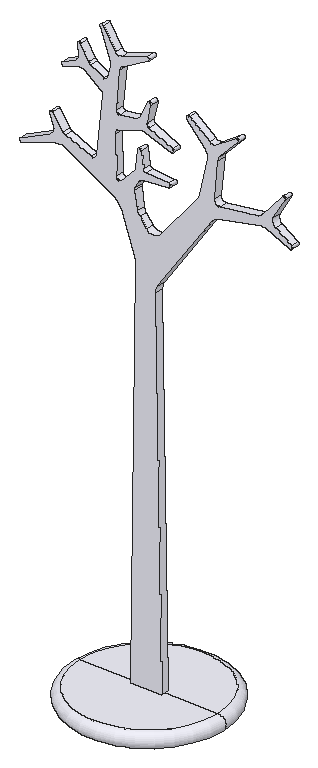
Revit family
Parameters
  Width = 2' - 11"
  URL = "www.hightoweraccess.com"
  Product URL = "http://www.hightoweraccess.com/pricelist/new/pdf/log.pdf"
  Model = "S 6330"
  Manufacturer = "HighTower"
  Height = 6' - 4"
  Description = "Tree Coat Stand"
  Depth = 1' - 7 1/2"
  Base [instance] = Furniture - HIGH TOWER - Tree - Base
  Assembly Description = "Furniture & Accessories"
  Assembly Code = "E2020200"
Reference planes (in)
  plane 1 "Center Front/Back": y = -1.6274
  plane 2: z = 0
  plane 3 "Center Left/Right": x = 0
  plane 4 "L": x = -17.5
  plane 5 "R": x = 17.5
  plane 6 "F": y = -11.3774
  plane 7: y = 8.1226
  plane 8: through (-6.25338, 2.33237, 23.38953) normal (0.4297, -0.4297, 0.7941)
  plane 9: z = 76
Forms (in)
  Extrusion 1, solid, material "Furniture - HIGH TOWER - Tree - Base" <- "Base"
    sketch origin (0, -1.6274, 0) x (1, 0, 0) y (0, 0, 1)
      loop
        line (-1.95, 1.95) -> (1.95, 1.95) -> (1.27447, 47.50015)
        arc (1.27447, 47.50015) -> (1.33835, 47.94824) -> (1.53703, 48.35492) r 1.45269
        line (1.53703, 48.35492) -> (8.45881, 58.24028)
        arc (8.45881, 58.24028) -> (8.68427, 58.45966) -> (8.9746, 58.58077) r 0.84056
        line (8.9746, 58.58077) -> (14.74213, 59.79197)
        arc (14.74213, 59.79197) -> (14.99224, 59.8056) -> (15.2349, 59.74345) r 0.82404
        line (15.2349, 59.74345) -> (18.28822, 58.44058)
        arc (18.28822, 58.44058) -> (18.58509, 58.54331) -> (18.51186, 58.84881) r 0.23386
        line (18.51186, 58.84881) -> (16.48983, 60.22931)
        arc (16.48983, 60.22931) -> (16.14993, 60.73304) -> (16.24838, 61.33269) r 0.82293
        line (16.24838, 61.33269) -> (17.73667, 63.81045)
        arc (17.73667, 63.81045) -> (17.67238, 64.12112) -> (17.35753, 64.08213) r 0.23398
        line (17.35753, 64.08213) -> (14.90081, 61.18071)
        arc (14.90081, 61.18071) -> (14.6695, 60.98979) -> (14.38613, 60.89153) r 0.84628
        line (14.38613, 60.89153) -> (9.43553, 60.11482)
        arc (9.43553, 60.11482) -> (8.93087, 60.27133) -> (8.74601, 60.76631) r 0.59953
        line (8.74601, 60.76631) -> (9.19207, 65.26164)
        arc (9.19207, 65.26164) -> (9.30478, 65.67296) -> (9.54718, 66.02386) r 1.27126
        line (9.54718, 66.02386) -> (11.71194, 68.24274)
        arc (11.71194, 68.24274) -> (11.72438, 68.55716) -> (11.41294, 68.6021) r 0.235
        line (11.41294, 68.6021) -> (8.99117, 66.97985)
        arc (8.99117, 66.97985) -> (8.52667, 66.84779) -> (8.07295, 67.01311) r 0.78366
        line (8.07295, 67.01311) -> (5.51589, 69.00835)
        arc (5.51589, 69.00835) -> (5.19956, 68.98223) -> (5.20006, 68.66483) r 0.23409
        line (5.20006, 68.66483) -> (7.51049, 66.16761)
        arc (7.51049, 66.16761) -> (7.81366, 65.61659) -> (7.82363, 64.98774) r 1.30391
        line (7.82363, 64.98774) -> (6.79612, 60.55368)
        arc (6.79612, 60.55368) -> (6.69885, 60.27988) -> (6.54238, 60.03504) r 1.28114
        line (6.54238, 60.03504) -> (1.90063, 54.32182)
        arc (1.90063, 54.32182) -> (0.9699, 53.88677) -> (0.05173, 54.34771) r 1.17793
        line (0.05173, 54.34771) -> (-0.80199, 55.46081)
        arc (-0.80199, 55.46081) -> (-0.9632, 55.7389) -> (-1.04816, 56.0489) r 1.25
        line (-1.04816, 56.0489) -> (-1.36193, 58.29905)
        arc (-1.36193, 58.29905) -> (-1.35785, 58.45093) -> (-1.30464, 58.59324) r 0.46128
        line (-1.30464, 58.59324) -> (-0.80076, 59.46678)
        arc (-0.80076, 59.46678) -> (-0.67094, 59.60433) -> (-0.49313, 59.66879) r 0.40911
        line (-0.49313, 59.66879) -> (2.93802, 60.06346)
        arc (2.93802, 60.06346) -> (3.14549, 60.30335) -> (2.92393, 60.53029) r 0.23436
        line (2.92393, 60.53029) -> (0.02323, 60.68767)
        arc (0.02323, 60.68767) -> (-0.21213, 60.78748) -> (-0.32926, 61.01472) r 0.37599
        line (-0.32926, 61.01472) -> (-0.5843, 62.97976)
        arc (-0.5843, 62.97976) -> (-0.82123, 63.18396) -> (-1.05021, 62.97089) r 0.23442
        line (-1.05021, 62.97089) -> (-1.25015, 60.77971)
        arc (-1.25015, 60.77971) -> (-1.28333, 60.65314) -> (-1.35581, 60.5442) r 0.39741
        line (-1.35581, 60.5442) -> (-3.0618, 58.72216)
        arc (-3.0618, 58.72216) -> (-3.49942, 58.62119) -> (-3.75837, 58.98814) r 0.40271
        line (-3.75837, 58.98814) -> (-3.86879, 63.78724)
        arc (-3.86879, 63.78724) -> (-3.76078, 64.14937) -> (-3.46115, 64.37964) r 0.61391
        line (-3.46115, 64.37964) -> (-0.81684, 65.32215)
        arc (-0.81684, 65.32215) -> (-0.69567, 65.3444) -> (-0.57368, 65.3272) r 0.38474
        line (-0.57368, 65.3272) -> (3.22026, 64.15032)
        arc (3.22026, 64.15032) -> (3.50798, 64.28972) -> (3.38812, 64.58611) r 0.23402
        line (3.38812, 64.58611) -> (0.40205, 65.97205)
        arc (0.40205, 65.97205) -> (0.20571, 66.16358) -> (0.1726, 66.43586) r 0.41309
        line (0.1726, 66.43586) -> (0.65239, 68.60763)
        arc (0.65239, 68.60763) -> (0.50205, 68.87874) -> (0.21451, 68.76288) r 0.23407
        line (0.21451, 68.76288) -> (-0.81329, 66.70911)
        arc (-0.81329, 66.70911) -> (-0.92409, 66.57634) -> (-1.08251, 66.50701) r 0.37698
        line (-1.08251, 66.50701) -> (-3.27143, 66.10622)
        arc (-3.27143, 66.10622) -> (-3.60858, 66.20366) -> (-3.7337, 66.53155) r 0.39332
        line (-3.7337, 66.53155) -> (-3.26841, 71.26886)
        arc (-3.26841, 71.26886) -> (-3.16947, 71.54725) -> (-2.95171, 71.74692) r 0.61247
        line (-2.95171, 71.74692) -> (0.33906, 73.53832)
        arc (0.33906, 73.53832) -> (0.44142, 73.83816) -> (0.15125, 73.96538) r 0.2341
        line (0.15125, 73.96538) -> (-3.11404, 72.84665)
        arc (-3.11404, 72.84665) -> (-3.52404, 72.84809) -> (-3.84524, 73.10292) r 0.62608
        line (-3.84524, 73.10292) -> (-5.38846, 75.52915)
        arc (-5.38846, 75.52915) -> (-5.6891, 75.61256) -> (-5.80313, 75.32215) r 0.23298
        line (-5.80313, 75.32215) -> (-4.44816, 71.71681)
        arc (-4.44816, 71.71681) -> (-4.41087, 71.54041) -> (-4.4278, 71.36091) r 0.59862
        line (-4.4278, 71.36091) -> (-4.80332, 69.86014)
        arc (-4.80332, 69.86014) -> (-5.03288, 69.59043) -> (-5.38654, 69.60963) r 0.39894
        line (-5.38654, 69.60963) -> (-7.01719, 70.53076)
        arc (-7.01719, 70.53076) -> (-7.14924, 70.62995) -> (-7.25133, 70.75976) r 0.63675
        line (-7.25133, 70.75976) -> (-8.27744, 72.4856)
        arc (-8.27744, 72.4856) -> (-8.55838, 72.58596) -> (-8.70952, 72.32875) r 0.23396
        line (-8.70952, 72.32875) -> (-8.51233, 71.10718)
        arc (-8.51233, 71.10718) -> (-8.57161, 70.74244) -> (-8.83756, 70.48588) r 0.58536
        line (-8.83756, 70.48588) -> (-10.56711, 69.6583)
        arc (-10.56711, 69.6583) -> (-10.68522, 69.36359) -> (-10.40147, 69.22115) r 0.23457
        line (-10.40147, 69.22115) -> (-8.37302, 69.80021)
        arc (-8.37302, 69.80021) -> (-8.09044, 69.81388) -> (-7.83111, 69.7008) r 0.62114
        line (-7.83111, 69.7008) -> (-5.68988, 68.10345)
        arc (-5.68988, 68.10345) -> (-5.50799, 67.87399) -> (-5.46393, 67.58453) r 0.57033
        line (-5.46393, 67.58453) -> (-6.22698, 60.58096)
        arc (-6.22698, 60.58096) -> (-6.51427, 60.13875) -> (-7.04067, 60.10743) r 0.58494
        line (-7.04067, 60.10743) -> (-10.20448, 61.47566)
        arc (-10.20448, 61.47566) -> (-10.37307, 61.57661) -> (-10.50965, 61.71789) r 0.75
        line (-10.50965, 61.71789) -> (-11.80781, 63.47204)
        arc (-11.80781, 63.47204) -> (-12.10882, 63.53849) -> (-12.21602, 63.24947) r 0.23471
        line (-12.21602, 63.24947) -> (-11.69937, 61.88203)
        arc (-11.69937, 61.88203) -> (-11.70465, 61.33829) -> (-12.07594, 60.94103) r 0.75
        line (-12.07594, 60.94103) -> (-15.89427, 59.10491)
        arc (-15.89427, 59.10491) -> (-16.00984, 58.8072) -> (-15.72043, 58.67219) r 0.23368
        line (-15.72043, 58.67219) -> (-11.41288, 60.07964)
        arc (-11.41288, 60.07964) -> (-10.77286, 60.15016) -> (-10.15817, 59.95842) r 1.57353
        line (-10.15817, 59.95842) -> (-3.97159, 56.51064)
        arc (-3.97159, 56.51064) -> (-3.46197, 56.0928) -> (-3.13031, 55.52334) r 1.85761
        line (-3.13031, 55.52334) -> (-1.24743, 50.35024)
        arc (-1.24743, 50.35024) -> (-1.23666, 50.30943) -> (-1.23345, 50.26735) r 0.23226
        line (-1.23345, 50.26735) -> (-1.95, 1.95)
    from 0.5 to -0.5
  Revolve 2, solid, material "Furniture - HIGH TOWER - Tree - Base" <- "Base"
    sketch origin (0, -1.6274, 0) x (1, 0, 0) y (0, 0, 1)
      loop
        line (0, 0) -> (0, 1.95) -> (-8.775, 1.95)
        arc (-8.775, 1.95) -> (-9.75, 0.975) -> (-8.775, 0) r 0.975
        line (-8.775, 0) -> (0, 0)
      axis (0, 1.95) -> (0, 0)
    angle from 0 to 360
Cuts and joins
  joined: Extrusion 1, Revolve 2
Dimensions and locks (in)
  equal spacing: plane 4 "L", plane 3 "Center Left/Right", plane 5 "R"
  "Width": plane 4 "L" to plane 5 "R"
  "Depth": plane 7 to plane 6 "F"
  "Height": plane 9 to level
  equal spacing: plane 7, plane 1 "Center Front/Back", plane 6 "F"
  aligned and locked: Revolve 2 sketch curve to plane 3 "Center Left/Right"
Automatic sketch dimensions
  Revolve 2 sketch curve to level = 0' - 0"
  Revolve 2 sketch curve to plane 3 "Center Left/Right" = 0' - 0"
  plane 4 "L" to Revolve 2 sketch curve = 0' - 8.725"
  Revolve 2 sketch curve to Revolve 2 sketch curve = 0' - 2 3/4"
  level to Revolve 2 sketch curve = 0' - 0.975"
  Revolve 2 sketch curve to Revolve 2 sketch curve = 0' - 6.05"
  plane 4 "L" to Extrusion 1 sketch curve = 0' - 1.60573"
  Extrusion 1 sketch curve to Extrusion 1 sketch curve = 0' - 0.10127"
  Extrusion 1 sketch curve to Extrusion 1 sketch curve = 0' - 0.07258"
  Extrusion 1 sketch curve to Extrusion 1 sketch curve = 0' - 3.49331"
  Extrusion 1 sketch curve to Extrusion 1 sketch curve = 0' - 0.18494"
  Extrusion 1 sketch curve to Extrusion 1 sketch curve = 0' - 0.32503"
  Extrusion 1 sketch curve to Extrusion 1 sketch curve = 0' - 0.21956"
  Extrusion 1 sketch curve to Extrusion 1 sketch curve = 0' - 0.18866"
  Extrusion 1 sketch curve to Extrusion 1 sketch curve = 0' - 0.70159"
  Extrusion 1 sketch curve to Extrusion 1 sketch curve = 0' - 0.66305"
  Extrusion 1 sketch curve to Extrusion 1 sketch curve = 0' - 0.48871"
  Extrusion 1 sketch curve to Extrusion 1 sketch curve = 0' - 1.2407"
  Extrusion 1 sketch curve to Extrusion 1 sketch curve = 0' - 1.18972"
  Extrusion 1 sketch curve to Extrusion 1 sketch curve = 0' - 0.10125"
  Extrusion 1 sketch curve to Extrusion 1 sketch curve = 0' - 0.06439"
  Extrusion 1 sketch curve to Extrusion 1 sketch curve = 0' - 0.30517"
  Extrusion 1 sketch curve to Extrusion 1 sketch curve = 0' - 1.25472"
  Extrusion 1 sketch curve to Extrusion 1 sketch curve = 0' - 0.60287"
  Extrusion 1 sketch curve to Extrusion 1 sketch curve = 0' - 1.47689"
  Extrusion 1 sketch curve to plane 9 = 0' - 5.51412"
  Extrusion 1 sketch curve to Extrusion 1 sketch curve = 0' - 0.25266"
  Extrusion 1 sketch curve to plane 9 = 0' - 3.67125"
  Extrusion 1 sketch curve to Extrusion 1 sketch curve = 0' - 0.38069"
  Extrusion 1 sketch curve to plane 9 = 0' - 4.89282"
  Extrusion 1 sketch curve to Extrusion 1 sketch curve = 0' - 0.57788"
  Extrusion 1 sketch curve to Extrusion 1 sketch curve = 0' - 0.23097"
  Extrusion 1 sketch curve to Extrusion 1 sketch curve = 0' - 0.46454"
  Extrusion 1 sketch curve to plane 9 = 0' - 3.5144"
  Extrusion 1 sketch curve to Extrusion 1 sketch curve = 0' - 0.2011"
  Extrusion 1 sketch curve to Extrusion 1 sketch curve = 0' - 0.1705"
  Extrusion 1 sketch curve to Extrusion 1 sketch curve = 0' - 0.54191"
  Extrusion 1 sketch curve to Extrusion 1 sketch curve = 0' - 0.57977"
  Extrusion 1 sketch curve to Extrusion 1 sketch curve = 0' - 3.1175"
  Extrusion 1 sketch curve to Extrusion 1 sketch curve = 0' - 0.23414"
  Extrusion 1 sketch curve to Extrusion 1 sketch curve = 0' - 0.23218"
  Extrusion 1 sketch curve to Extrusion 1 sketch curve = 0' - 0.54731"
  Extrusion 1 sketch curve to Extrusion 1 sketch curve = 0' - 0.5815"
  Extrusion 1 sketch curve to Extrusion 1 sketch curve = 0' - 2.17161"
  Extrusion 1 sketch curve to plane 9 = 0' - 0.67785"
  Extrusion 1 sketch curve to Extrusion 1 sketch curve = 0' - 2.47432"
  Extrusion 1 sketch curve to Extrusion 1 sketch curve = 0' - 0.34103"
  Extrusion 1 sketch curve to Extrusion 1 sketch curve = 0' - 0.21808"
  Extrusion 1 sketch curve to Extrusion 1 sketch curve = 0' - 0.22595"
  Extrusion 1 sketch curve to Extrusion 1 sketch curve = 0' - 0.19658"
  Extrusion 1 sketch curve to Extrusion 1 sketch curve = 0' - 0.30334"
  Extrusion 1 sketch curve to Extrusion 1 sketch curve = 0' - 0.19621"
  Extrusion 1 sketch curve to Extrusion 1 sketch curve = 0' - 0.18181"
  Extrusion 1 sketch curve to plane 3 "Center Left/Right" = 0' - 4.87588"
  Extrusion 1 sketch curve to Extrusion 1 sketch curve = 0' - 0.38701"
  Extrusion 1 sketch curve to Extrusion 1 sketch curve = 0' - 0.56036"
  Extrusion 1 sketch curve to Extrusion 1 sketch curve = 0' - 0.02036"
  Extrusion 1 sketch curve to Extrusion 1 sketch curve = 0' - 0.9043"
  Extrusion 1 sketch curve to plane 3 "Center Left/Right" = 0' - 3.86879"
  Extrusion 1 sketch curve to Extrusion 1 sketch curve = 0' - 0.60293"
  Extrusion 1 sketch curve to Extrusion 1 sketch curve = 0' - 0.21322"
  Extrusion 1 sketch curve to Extrusion 1 sketch curve = 0' - 1.73022"
  Extrusion 1 sketch curve to Extrusion 1 sketch curve = 0' - 0.40763"
  Extrusion 1 sketch curve to Extrusion 1 sketch curve = 0' - 0.4026"
  Extrusion 1 sketch curve to Extrusion 1 sketch curve = 0' - 0.39144"
  Extrusion 1 sketch curve to Extrusion 1 sketch curve = 0' - 0.52827"
  Extrusion 1 sketch curve to Extrusion 1 sketch curve = 0' - 0.07084"
  Extrusion 1 sketch curve to Extrusion 1 sketch curve = 0' - 1.15939"
  Extrusion 1 sketch curve to Extrusion 1 sketch curve = 0' - 0.61375"
  Extrusion 1 sketch curve to Extrusion 1 sketch curve = 0' - 0.84128"
  Extrusion 1 sketch curve to Extrusion 1 sketch curve = 0' - 0.20292"
  Extrusion 1 sketch curve to Extrusion 1 sketch curve = 0' - 0.29397"
  Extrusion 1 sketch curve to Extrusion 1 sketch curve = 0' - 0.3167"
  Extrusion 1 sketch curve to Extrusion 1 sketch curve = 0' - 0.60954"
  Extrusion 1 sketch curve to plane 3 "Center Left/Right" = 0' - 1.95"
  Extrusion 1 sketch curve to plane 3 "Center Left/Right" = 0' - 1.64591"
  Extrusion 1 sketch curve to plane 3 "Center Left/Right" = 0' - 1.46568"
  Extrusion 1 sketch curve to plane 3 "Center Left/Right" = 0' - 1.36193"
  Extrusion 1 sketch curve to Extrusion 1 sketch curve = 0' - 0.2901"
  Extrusion 1 sketch curve to Extrusion 1 sketch curve = 0' - 0.05729"
  Extrusion 1 sketch curve to Extrusion 1 sketch curve = 0' - 0.10567"
  Extrusion 1 sketch curve to Extrusion 1 sketch curve = 0' - 0.21826"
  Extrusion 1 sketch curve to Extrusion 1 sketch curve = 0' - 0.01398"
  Extrusion 1 sketch curve to plane 3 "Center Left/Right" = 0' - 1.15041"
  Extrusion 1 sketch curve to Extrusion 1 sketch curve = 0' - 0.0679"
  Extrusion 1 sketch curve to plane 3 "Center Left/Right" = 0' - 1.05021"
  Extrusion 1 sketch curve to plane 3 "Center Left/Right" = 0' - 1.04816"
  Extrusion 1 sketch curve to Extrusion 1 sketch curve = 0' - 0.45686"
  Extrusion 1 sketch curve to plane 3 "Center Left/Right" = 0' - 0.81684"
  Extrusion 1 sketch curve to Extrusion 1 sketch curve = 0' - 0.23345"
  Extrusion 1 sketch curve to Extrusion 1 sketch curve = 0' - 0.26922"
  Extrusion 1 sketch curve to Extrusion 1 sketch curve = 0' - 0.24616"
  Extrusion 1 sketch curve to plane 3 "Center Left/Right" = 0' - 0.80076"
  Extrusion 1 sketch curve to Extrusion 1 sketch curve = 0' - 0.12917"
  Extrusion 1 sketch curve to Extrusion 1 sketch curve = 0' - 0.23247"
  Extrusion 1 sketch curve to Extrusion 1 sketch curve = 0' - 0.24316"
  Extrusion 1 sketch curve to Extrusion 1 sketch curve = 0' - 0.30763"
  Extrusion 1 sketch curve to Extrusion 1 sketch curve = 0' - 0.04675"
  Extrusion 1 sketch curve to plane 3 "Center Left/Right" = 0' - 0.32926"
  plane 3 "Center Left/Right" to Extrusion 1 sketch curve = 0' - 0.02323"
  plane 3 "Center Left/Right" to Extrusion 1 sketch curve = 0' - 0.0436"
  plane 3 "Center Left/Right" to Extrusion 1 sketch curve = 0' - 0.05173"
  plane 3 "Center Left/Right" to Extrusion 1 sketch curve = 0' - 0.15125"
  plane 3 "Center Left/Right" to Extrusion 1 sketch curve = 0' - 0.1726"
  plane 3 "Center Left/Right" to Extrusion 1 sketch curve = 0' - 0.18986"
  plane 3 "Center Left/Right" to Extrusion 1 sketch curve = 0' - 0.21451"
  plane 3 "Center Left/Right" to Extrusion 1 sketch curve = 0' - 0.22713"
  Extrusion 1 sketch curve to Extrusion 1 sketch curve = 0' - 0.11193"
  plane 3 "Center Left/Right" to Extrusion 1 sketch curve = 0' - 0.40205"
  Extrusion 1 sketch curve to Extrusion 1 sketch curve = 0' - 0.20932"
  Extrusion 1 sketch curve to Extrusion 1 sketch curve = 0' - 0.40337"
  Extrusion 1 sketch curve to Extrusion 1 sketch curve = 0' - 0.22856"
  plane 3 "Center Left/Right" to Extrusion 1 sketch curve = 0' - 0.9864"
  plane 3 "Center Left/Right" to Extrusion 1 sketch curve = 0' - 1.27447"
  Extrusion 1 sketch curve to Extrusion 1 sketch curve = 0' - 0.26255"
  Extrusion 1 sketch curve to Extrusion 1 sketch curve = 0' - 0.91423"
  plane 3 "Center Left/Right" to Extrusion 1 sketch curve = 0' - 1.95"
  Extrusion 1 sketch curve to Extrusion 1 sketch curve = 0' - 1.18998"
  plane 3 "Center Left/Right" to Extrusion 1 sketch curve = 0' - 2.91124"
  Extrusion 1 sketch curve to Extrusion 1 sketch curve = 0' - 0.0127"
  Extrusion 1 sketch curve to Extrusion 1 sketch curve = 0' - 0.02678"
  plane 3 "Center Left/Right" to Extrusion 1 sketch curve = 0' - 3.22026"
  Extrusion 1 sketch curve to Extrusion 1 sketch curve = 0' - 0.06933"
  Extrusion 1 sketch curve to Extrusion 1 sketch curve = 0' - 0.09852"
  Extrusion 1 sketch curve to Extrusion 1 sketch curve = 0' - 1.81194"
  Extrusion 1 sketch curve to Extrusion 1 sketch curve = 0' - 0.17183"
  Extrusion 1 sketch curve to Extrusion 1 sketch curve = 0' - 0.144"
  Extrusion 1 sketch curve to Extrusion 1 sketch curve = 0' - 2.62412"
  Extrusion 1 sketch curve to Extrusion 1 sketch curve = 0' - 0.99433"
  Extrusion 1 sketch curve to Extrusion 1 sketch curve = 0' - 3.16526"
  Extrusion 1 sketch curve to Extrusion 1 sketch curve = 0' - 0.25374"
  Extrusion 1 sketch curve to Extrusion 1 sketch curve = 0' - 0.95711"
  Extrusion 1 sketch curve to Extrusion 1 sketch curve = 0' - 0.31315"
  Extrusion 1 sketch curve to Extrusion 1 sketch curve = 0' - 0.56246"
  Extrusion 1 sketch curve to Extrusion 1 sketch curve = 0' - 1.91642"
  Extrusion 1 sketch curve to Extrusion 1 sketch curve = 0' - 0.48209"
  Extrusion 1 sketch curve to Extrusion 1 sketch curve = 0' - 1.94989"
  Extrusion 1 sketch curve to Extrusion 1 sketch curve = 0' - 0.5158"
  Extrusion 1 sketch curve to Extrusion 1 sketch curve = 0' - 0.43614"
  Extrusion 1 sketch curve to Extrusion 1 sketch curve = 0' - 0.17275"
  Extrusion 1 sketch curve to Extrusion 1 sketch curve = 0' - 1.36844"
  Extrusion 1 sketch curve to Extrusion 1 sketch curve = 0' - 0.5966"
  Extrusion 1 sketch curve to Extrusion 1 sketch curve = 0' - 0.09292"
  Extrusion 1 sketch curve to Extrusion 1 sketch curve = 0' - 0.3551"
  Extrusion 1 sketch curve to Extrusion 1 sketch curve = 0' - 1.26505"
  Extrusion 1 sketch curve to Extrusion 1 sketch curve = 0' - 2.42177"
  Extrusion 1 sketch curve to Extrusion 1 sketch curve = 0' - 0.13079"
  Extrusion 1 sketch curve to Extrusion 1 sketch curve = 0' - 0.16821"
  plane 5 "R" to Extrusion 1 sketch curve = 0' - 3.24504"
  Extrusion 1 sketch curve to Extrusion 1 sketch curve = 0' - 0.13117"
  Extrusion 1 sketch curve to Extrusion 1 sketch curve = 0' - 0.356"
  Extrusion 1 sketch curve to Extrusion 1 sketch curve = 0' - 0.51468"
  Extrusion 1 sketch curve to Extrusion 1 sketch curve = 0' - 0.16936"
  Extrusion 1 sketch curve to Extrusion 1 sketch curve = 0' - 0.49277"
  plane 5 "R" to Extrusion 1 sketch curve = 0' - 1.25162"
  plane 5 "R" to Extrusion 1 sketch curve = 0' - 1.01017"
  plane 5 "R" to Extrusion 1 sketch curve = 0' - 0.54616"
  plane 5 "R" to Extrusion 1 sketch curve = 0' - 0.14247"
  Extrusion 1 sketch curve to plane 5 "R" = 0' - 0.0361"
  Extrusion 1 sketch curve to Extrusion 1 sketch curve = 0' - 0.20058"
  Extrusion 1 sketch curve to plane 5 "R" = 0' - 0.78822"
  Extrusion 1 sketch curve to Extrusion 1 sketch curve = 0' - 0.09178"
  Extrusion 1 sketch curve to Extrusion 1 sketch curve = 0' - 0.13186"
  Extrusion 1 sketch curve to Extrusion 1 sketch curve = 0' - 1.15021"
  Extrusion 1 sketch curve to Extrusion 1 sketch curve = 0' - 0.09684"
  Extrusion 1 sketch curve to Extrusion 1 sketch curve = 0' - 0.68566"
  Extrusion 1 sketch curve to Extrusion 1 sketch curve = 0' - 0.09941"
  Extrusion 1 sketch curve to Extrusion 1 sketch curve = 0' - 0.82757"
  Extrusion 1 sketch curve to Extrusion 1 sketch curve = 0' - 0.2116"
  Extrusion 1 sketch curve to plane 9 = 0' - 6.99165"
  Extrusion 1 sketch curve to Extrusion 1 sketch curve = 0' - 0.18455"
  Extrusion 1 sketch curve to Extrusion 1 sketch curve = 0' - 0.09805"
  Extrusion 1 sketch curve to Extrusion 1 sketch curve = 0' - 0.10475"
  Extrusion 1 sketch curve to Extrusion 1 sketch curve = 0' - 0 13/32"
  Extrusion 1 sketch curve to Extrusion 1 sketch curve = 0' - 0.19525"
  Extrusion 1 sketch curve to Extrusion 1 sketch curve = 0' - 1.50618"
  Extrusion 1 sketch curve to Extrusion 1 sketch curve = 0' - 0.45714"
  Extrusion 1 sketch curve to Extrusion 1 sketch curve = 0' - 0.97115"
  Extrusion 1 sketch curve to Extrusion 1 sketch curve = 0' - 0.61783"
  Extrusion 1 sketch curve to Extrusion 1 sketch curve = 0' - 1.88505"
  Extrusion 1 sketch curve to Extrusion 1 sketch curve = 0' - 0.16871"
  Extrusion 1 sketch curve to Extrusion 1 sketch curve = 0' - 1.05299"
  Extrusion 1 sketch curve to Extrusion 1 sketch curve = 0' - 0.03845"
  Extrusion 1 sketch curve to Extrusion 1 sketch curve = 0' - 0.27325"
  Extrusion 1 sketch curve to Extrusion 1 sketch curve = 0' - 0.08911"
  Extrusion 1 sketch curve to Extrusion 1 sketch curve = 0' - 0.84549"
  Extrusion 1 sketch curve to Extrusion 1 sketch curve = 0' - 0.956"
  Extrusion 1 sketch curve to Extrusion 1 sketch curve = 0' - 0.64485"
  Extrusion 1 sketch curve to Extrusion 1 sketch curve = 0' - 0.00506"
  Extrusion 1 sketch curve to Extrusion 1 sketch curve = 0' - 0.88551"
  Extrusion 1 sketch curve to Extrusion 1 sketch curve = 0' - 0.76222"
  Extrusion 1 sketch curve to Extrusion 1 sketch curve = 0' - 0.69599"
  Extrusion 1 sketch curve to Extrusion 1 sketch curve = 0' - 1 93/128"
  Extrusion 1 sketch curve to Extrusion 1 sketch curve = 0' - 0.21227"
  Extrusion 1 sketch curve to Extrusion 1 sketch curve = 0' - 1.05398"
  Extrusion 1 sketch curve to Extrusion 1 sketch curve = 0' - 0.1512"
  Extrusion 1 sketch curve to Extrusion 1 sketch curve = 0' - 0.57828"
  Extrusion 1 sketch curve to Extrusion 1 sketch curve = 0' - 5.7491"
  Extrusion 1 sketch curve to Extrusion 1 sketch curve = 0' - 0.13962"
  Extrusion 1 sketch curve to Extrusion 1 sketch curve = 0' - 1.97998"
  Extrusion 1 sketch curve to Extrusion 1 sketch curve = 0' - 0.00887"
  Extrusion 1 sketch curve to Extrusion 1 sketch curve = 0' - 1.308"
  Extrusion 1 sketch curve to Extrusion 1 sketch curve = 0' - 1.36745"
  Extrusion 1 sketch curve to Extrusion 1 sketch curve = 0' - 2.35455"
  Extrusion 1 sketch curve to Extrusion 1 sketch curve = 0' - 0.44615"
  Extrusion 1 sketch curve to Extrusion 1 sketch curve = 0' - 0.26508"
  Extrusion 1 sketch curve to Extrusion 1 sketch curve = 0' - 0.39489"
  Extrusion 1 sketch curve to Extrusion 1 sketch curve = 0' - 0 35/64"
  Extrusion 1 sketch curve to Extrusion 1 sketch curve = 0' - 1.91665"
  Extrusion 1 sketch curve to Extrusion 1 sketch curve = 0' - 0.04839"
  Extrusion 1 sketch curve to Extrusion 1 sketch curve = 0' - 0.42374"
  Extrusion 1 sketch curve to Extrusion 1 sketch curve = 0' - 3.30743"
  Extrusion 1 sketch curve to Extrusion 1 sketch curve = 0' - 0.19889"
  Extrusion 1 sketch curve to Extrusion 1 sketch curve = 0' - 0.03611"
  Extrusion 1 sketch curve to Extrusion 1 sketch curve = 0' - 0.07659"
  Extrusion 1 sketch curve to Extrusion 1 sketch curve = 0' - 0.0592"
  Extrusion 1 sketch curve to Extrusion 1 sketch curve = 0' - 1.51973"
  Extrusion 1 sketch curve to Extrusion 1 sketch curve = 0' - 0.06336"
  Extrusion 1 sketch curve to Extrusion 1 sketch curve = 0' - 0.28922"
  Extrusion 1 sketch curve to Extrusion 1 sketch curve = 0' - 0.3126"
  Extrusion 1 sketch curve to Extrusion 1 sketch curve = 0' - 0.23401"
  Extrusion 1 sketch curve to Extrusion 1 sketch curve = 0' - 0.86139"
  Extrusion 1 sketch curve to Extrusion 1 sketch curve = 0' - 0.12122"
  Extrusion 1 sketch curve to Extrusion 1 sketch curve = 0' - 1.09955"
  Extrusion 1 sketch curve to Extrusion 1 sketch curve = 0' - 0.04853"
  Extrusion 1 sketch curve to Extrusion 1 sketch curve = 0' - 1.01888"
  Extrusion 1 sketch curve to Extrusion 1 sketch curve = 0' - 0.20201"
  Extrusion 1 sketch curve to Extrusion 1 sketch curve = 0' - 1.83612"
  Extrusion 1 sketch curve to Extrusion 1 sketch curve = 0' - 1.81842"
  Extrusion 1 sketch curve to Extrusion 1 sketch curve = 0' - 0.00926"
  Extrusion 1 sketch curve to Extrusion 1 sketch curve = 0' - 0.2106"
  Extrusion 1 sketch curve to Extrusion 1 sketch curve = 0' - 1.3805"
  Extrusion 1 sketch curve to Extrusion 1 sketch curve = 0' - 0.19314"
  Extrusion 1 sketch curve to Extrusion 1 sketch curve = 0' - 0.87354"
  Extrusion 1 sketch curve to Extrusion 1 sketch curve = 0' - 1.53405"
  Extrusion 1 sketch curve to Extrusion 1 sketch curve = 0' - 0 59/256"
  Extrusion 1 sketch curve to Extrusion 1 sketch curve = 0' - 0.34049"
  Extrusion 1 sketch curve to Extrusion 1 sketch curve = 0' - 2.21152"
  Extrusion 1 sketch curve to Extrusion 1 sketch curve = 0' - 2.14122"
  Extrusion 1 sketch curve to Extrusion 1 sketch curve = 0' - 0.17264"
  Extrusion 1 sketch curve to Extrusion 1 sketch curve = 0' - 0.98729"
  Extrusion 1 sketch curve to Extrusion 1 sketch curve = 0' - 1.15695"
  Extrusion 1 sketch curve to Extrusion 1 sketch curve = 0' - 0.71688"
  Extrusion 1 sketch curve to Extrusion 1 sketch curve = 0' - 3.99748"
  Extrusion 1 sketch curve to Extrusion 1 sketch curve = 0' - 0.07944"
  Extrusion 1 sketch curve to Extrusion 1 sketch curve = 0' - 1.91243"
  Extrusion 1 sketch curve to Extrusion 1 sketch curve = 0' - 0.83323"
  level to Extrusion 1 sketch curve = 0' - 1.95"
  Extrusion 1 sketch curve to Extrusion 1 sketch curve = 0' - 0.82996"
  Extrusion 1 sketch curve to Extrusion 1 sketch curve = 0' - 0.229"
  Extrusion 1 sketch curve to Extrusion 1 sketch curve = 0' - 1.34885"
  Extrusion 1 sketch curve to Extrusion 1 sketch curve = 0' - 0.05987"
  Extrusion 1 sketch curve to Extrusion 1 sketch curve = 0' - 0.09205"
  Extrusion 1 sketch curve to Extrusion 1 sketch curve = 0' - 0.14531"
  Extrusion 1 sketch curve to Extrusion 1 sketch curve = 0' - 1.09973"
  Extrusion 1 sketch curve to Extrusion 1 sketch curve = 0' - 0.25627"
  Extrusion 1 sketch curve to plane 9 = 0' - 2.46168"
  Extrusion 1 sketch curve to Extrusion 1 sketch curve = 0' - 0.20561"
  Extrusion 1 sketch curve to Extrusion 1 sketch curve = 0' - 0.08196"
